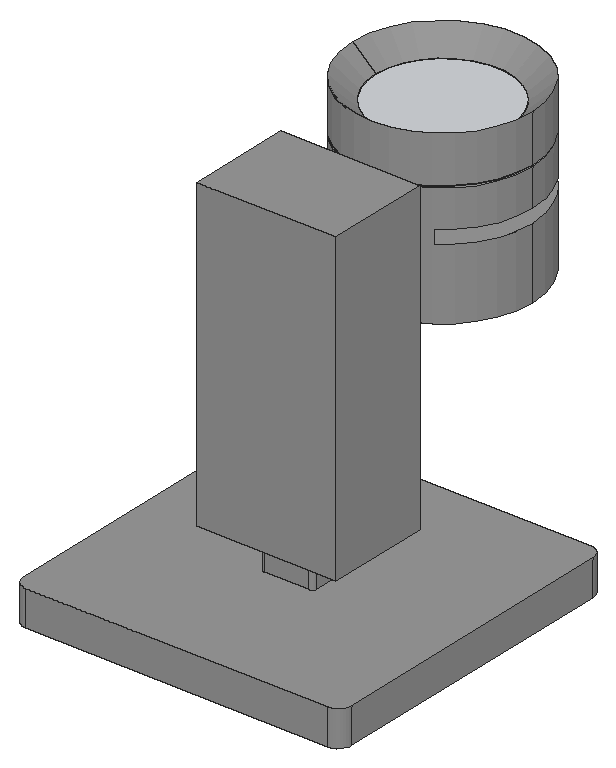
Revit family "Alcon-13306-M-Revit Family", category Generic Models, host Face, Revit 2023
Family settings
  Host = Face
  Can host rebar = No
  Round Connector Dimension = Use Diameter
  Part Type = Normal
  Cut with Voids When Loaded = No
  Maintain Annotation Orientation = No
  Shared = No
  Room Calculation Point = No
Parameters (values of type "Square Canopy")
  URL = "https://www.alconlighting.com/"
  Square Canopy = yes
  Round Canopy = no
  ProductPage = "https://www.alconlighting.com/13306-m.html"
  Model = "13306-M"
  Manufacturer = "Alcon Ligthing"
  Housing = Housing
  Fixture Rotation = 90.00°
  Default Elevation = 4' - 0"
Types (3): name | Square Canopy | Round Canopy
  (no name) | yes | no
  Round Canopy | no | yes
  Square Canopy | yes | no
Reference planes (in)
  plane 1 "Center (Front/Back)": y = 0
  plane 2: z = 0
  plane 3 "Center (Left/Right)": x = 0
Forms (in)
  Extrusion 1, solid, material "Housing" <- "Housing", visible <- "Round Canopy"
    sketch origin (-0.375, 0, 0) x (1, 0, 0) y (0, 1, 0)
      loop
        circle (0.375, 0) r 2.5
    from 0 to 0.5
  Extrusion 2, solid, material "Housing" <- "Housing"
    sketch origin (-0.375, 0, 1) x (1, 0, 0) y (0, 1, 0)
      loop
        line (-0.60937, -0.74023) -> (1.35938, -0.74023) -> (1.35938, 0.74023) -> (-0.60937, 0.74023) -> (-0.60937, -0.74023)
    from 0 to 4.33984
  Extrusion 3, solid, material "Housing" <- "Housing"
    sketch origin (-0.375, 0, 0.5) x (1, 0, 0) y (0, 1, 0)
      loop
        line (0.0625, -0.375) -> (0.6875, -0.375)
        arc (0.6875, -0.375) -> (0.73169, -0.35669) -> (0.75, -0.3125) r 0.0625
        line (0.75, -0.3125) -> (0.75, 0.3125)
        arc (0.75, 0.3125) -> (0.73169, 0.35669) -> (0.6875, 0.375) r 0.0625
        line (0.6875, 0.375) -> (0.0625, 0.375)
        arc (0.0625, 0.375) -> (0.01831, 0.35669) -> (0, 0.3125) r 0.0625
        line (0, 0.3125) -> (0, -0.3125)
        arc (0, -0.3125) -> (0.01831, -0.35669) -> (0.0625, -0.375) r 0.0625
    from 0 to 0.5
  Extrusion 4, solid, material "Housing" <- "Housing", visible <- "Square Canopy"
    sketch origin (0, 0, 0) x (1, 0, 0) y (0, 1, 0)
      loop
        line (-2.125, -2.3125) -> (2.125, -2.3125)
        arc (2.125, -2.3125) -> (2.25758, -2.25758) -> (2.3125, -2.125) r 0.1875
        line (2.3125, -2.125) -> (2.3125, 2.125)
        arc (2.3125, 2.125) -> (2.25758, 2.25758) -> (2.125, 2.3125) r 0.1875
        line (2.125, 2.3125) -> (-2.125, 2.3125)
        arc (-2.125, 2.3125) -> (-2.25758, 2.25758) -> (-2.3125, 2.125) r 0.1875
        line (-2.3125, 2.125) -> (-2.3125, -2.125)
        arc (-2.3125, -2.125) -> (-2.25758, -2.25758) -> (-2.125, -2.3125) r 0.1875
    from 0 to 0.5
Lines and regions (in)
  reference lines
    curve 1: line (-4.96123, 0, 4.25) -> (5.53877, 0, 4.25)
Dimensions and locks (in)
  "Fixture Rotation": angle curve 1 to nested 1
  aligned and locked: plane 2 to host face
  aligned and locked: level to host face
  aligned and locked: Extrusion 1 to Extrusion 4
Automatic sketch dimensions
  host sketch curve to host sketch curve = 8' - 0"  (x2)
  curve 1 to plane 3 "Center (Left/Right)" = 0' - 4.96123"
  level to curve 1 = 0' - 4 1/4"
  plane 3 "Center (Left/Right)" to curve 1 = 0' - 5.53877"
  plane 1 "Center (Front/Back)" to Extrusion 1 sketch curve = 0' - 0"
  Extrusion 1 sketch curve to plane 3 "Center (Left/Right)" = 0' - 0"
  Extrusion 3 to Extrusion 2 sketch curve = 0' - 0 39/64"  (x2)
  Extrusion 3 to Extrusion 2 sketch curve = 0' - 0.36523"  (x2)
  Extrusion 3 sketch curve to Extrusion 3 sketch curve = 0' - 0 1/16"  (x3)
  Extrusion 3 sketch curve to Extrusion 3 sketch curve = 0' - 0 5/8"  (x2)
  Extrusion 3 sketch curve to Extrusion 3 sketch curve = 0' - 0"
  Extrusion 4 sketch curve to plane 3 "Center (Left/Right)" = 0' - 2 5/16"
  Extrusion 4 sketch curve to Extrusion 4 sketch curve = 0' - 0 3/16"  (x3)
  plane 3 "Center (Left/Right)" to Extrusion 4 sketch curve = 0' - 2 1/8"  (x2)
  plane 1 "Center (Front/Back)" to Extrusion 4 sketch curve = 0' - 2 5/16"
  Extrusion 4 sketch curve to plane 1 "Center (Front/Back)" = 0' - 2 1/8"
  radius of Extrusion 1 sketch curve = 0' - 2 1/2"
Nested families (in)
  nested 1: "Alcon-13306-M-Cylinder" at (0, 2.36626, 4.25) x (0, 0, -1) z (0, -1, 0), type "Alcon-13306-M-Cylinder"
    with built-in parameter 1001306 0.375 (stored number, unit not read)
Definition of nested family "Alcon-13306-M-Cylinder"
  Parameters (values of type "Alcon-13306-M-Cylinder")
    Wattage = 9.2903 W
    built-in parameter 1150110 = 1 (stored number, unit not read)
    built-in parameter 1114217 = 1 (stored number, unit not read)
    Tilt Angle = 90.00°
    built-in parameter 1150109 = 1 (stored number, unit not read)
    built-in parameter 1150134 = 3
    built-in parameter 1150113 = 1 (stored number, unit not read)
    built-in parameter 1010507 = 1.5708 (stored number, unit not read)
    built-in parameter 1010506 = 0.5236 (stored number, unit not read)
    built-in parameter 1150105 = 4614.1 (stored number, unit not read)
    Lumens = 1380 lm
    built-in parameter 1150115 = 1 (stored number, unit not read)
    Light Source Symbol Length = 0' - 6"
    built-in parameter 1150137 = (empty or 0)
    built-in parameter 1150139 = (empty or 0)
    built-in parameter 1001306 [instance] = 4' - 0"
    built-in parameter 1150112 = 1 (stored number, unit not read)
    built-in parameter 1150114 = 1 (stored number, unit not read)
    built-in parameter 1150132 = (empty or 0)
    built-in parameter 1150102 = (empty or 0)
    built-in parameter 1150107 = 3200 (stored number, unit not read)
    built-in parameter 1150138 = (empty or 0)
    built-in parameter 1150106 = 46.141 (stored number, unit not read)
    Housing = none
    Emit from Circle Diameter = 0' - 1 113/128"
    Emit Shape Visible in Rendering = yes
    built-in parameter 1150104 = 13.8 (stored number, unit not read)
    Dimming Lamp Color Temperature Shift = (empty or 0)
    Default Elevation = 0' - 0"
    Color Filter = 16777215
    built-in parameter 1114218 = 1 (stored number, unit not read)
    built-in parameter 1150133 = 10 (stored number, unit not read)
  Reference planes (in)
    plane 1 "Center (Front/Back)": y = 0
    plane 2: z = 0
    plane 3 "Left": x = 0
    plane 4 "Right": x = 48
  Forms (in)
    Revolve 1, solid, material <- "Housing"
      sketch origin (0, 0, 0) x (1, 0, 0) y (0, 1, 0)
        loop
          line (1, 0) -> (1, 1.26953) -> (-0.71484, 1.26953) -> (-0.71484, 1.23828) -> (-0.74609, 1.23828) -> (-0.74609, 1.26953) -> (-1.40625, 1.26953) -> (-1.11328, 0.94141) -> (0.875, 0.94141) -> (0.875, 0) -> (1, 0)
        axis (1, 0) -> (-1.40625, 0)
      angle from 0 to 360
    Extrusion 2, void
      sketch origin (0, 0, 0) x (1, 0, 0) y (0, 0, 1)
        loop
          line (0, -1.04688) -> (0, 1.04687) -> (-0.19141, 1.04687) -> (-0.19141, -1.04688) -> (0, -1.04688)
      from -1.28088 to 1.27646
    Extrusion 3, solid, material <- "Housing"
      sketch origin (0, 0, 0) x (1, 0, 0) y (0, 1, 0)
        loop
          circle (0, 0) r 0.5
      from 1.12603 to 1.62603
    Extrusion 4, solid
      sketch origin (-0.74609, 0, 0) x (0, 0, -1) y (0, 1, 0)
        loop
          circle (0, 0) r 0.94141
      from -0.36719 to -0.25374
  Cuts and joins
    Extrusion 2 cuts Revolve 1
  Lines and regions (in)
    reference lines
      curve 1: line (0, 0, 0) -> (48, 0, 0)
    model lines
      curve 2: line (0, 0, 0) -> (-15.5, 0, 0)
  Dimensions and locks (in)
    "built-in parameter 1001306": plane 3 "Left" to plane 4 "Right"
    aligned and locked: plane 4 "Right" to curve 1
    aligned and locked: plane 1 "Center (Front/Back)" to curve 1
    aligned and locked: plane 3 "Left" to curve 1
    aligned and locked: level to plane 2
    aligned and locked: Extrusion 4 to cut or joined group of Revolve 1, Extrusion 2
  Automatic sketch dimensions
    plane 1 "Center (Front/Back)" to Revolve 1 sketch curve = 0' - 0"  (x2)
    Revolve 1 sketch curve to Revolve 1 sketch curve = 0' - 0 75/256"
    plane 3 "Left" to Revolve 1 sketch curve = 0' - 0 7/8"
    Revolve 1 sketch curve to Revolve 1 sketch curve = 0' - 0 1/8"
    Revolve 1 sketch curve to plane 1 "Center (Front/Back)" = 0' - 0 241/256"
    Revolve 1 sketch curve to Revolve 1 sketch curve = 0' - 0 21/64"  (x2)
    Revolve 1 sketch curve to plane 3 "Left" = 0' - 0.63376"
    plane 3 "Left" to Revolve 1 sketch curve = 0' - 0.36624"
    Revolve 1 sketch curve to Revolve 1 sketch curve = 0' - 0 1/32"  (x2)
    Revolve 1 sketch curve to Revolve 1 sketch curve = 0' - 0 169/256"
    Revolve 1 sketch curve to plane 3 "Left" = 0' - 0 191/256"
    Extrusion 2 sketch curve to level = 0' - 1 3/64"
    Extrusion 2 sketch curve to plane 3 "Left" = 0' - 0"
    Extrusion 2 sketch curve to Extrusion 2 sketch curve = 0' - 0 49/256"
    Extrusion 2 sketch curve to Extrusion 2 sketch curve = 0' - 2 3/32"
    plane 1 "Center (Front/Back)" to Extrusion 3 sketch curve = 0' - 0"
    Extrusion 3 sketch curve to plane 3 "Left" = 0' - 0"
    plane 1 "Center (Front/Back)" to curve 2 = 0' - 0"
    curve 2 to plane 3 "Left" = 0' - 0"
    curve 2 to curve 2 = 1' - 3 1/2"
    radius of Extrusion 3 sketch curve = 0' - 0 1/2"
    radius of Extrusion 4 sketch curve to Revolve 1 = 0' - 0 19/64"
